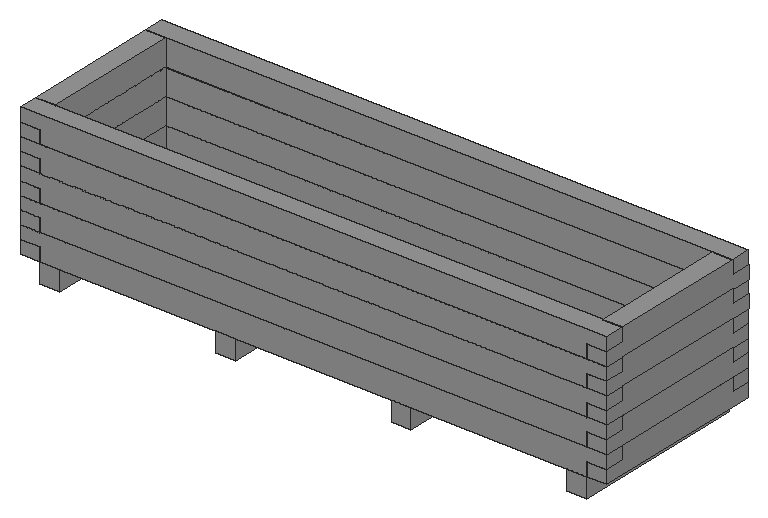
Revit family "13098 Цветочница «Лаванда» Хоббика", category Антураж, Revit 2018
Family settings
  На основе рабочей плоскости = Нет
  Всегда вертикально = Да
  При загрузке вырезать с полостями = Нет
  Источник визуального образа = Геометрия семейства
  Общий = Нет
  Точка расчета площади = Нет
Parameters (values of type "Версия Лиственница")
  Ширина = 450 mm  # constant formula
  Цвет отделки = Лиственница
  Описание = if(Версия Ангарская сосна, "Цветочница «Лаванда». Версия Ангорская сосна", "Цветочница «Лаванда». Версия Лиственница")  # "Цветочница «Лаванда». Версия Лиственница"
  Материал изделия = "Дерево"  # constant formula
  Изображение типоразмера = Цветочница «Лаванда» Арт 13098.jpg
  Изготовитель = "ООО «Хоббика»"  # constant formula
  Длина = 1490 mm  # constant formula
  Группа модели = "Цветочницы и уличные вазоны для цветов"  # constant formula
  Высота = 385 mm  # constant formula
  Версия Лиственница = not(Версия Ангарская сосна)  # yes
  Версия Ангарская сосна = no
  Артикул товара = "Арт. 13098"  # constant formula
  URL = "https://hobbyka.ru/product/tsvetochnitsa_lavanda"
Types (3, lengths in mm): name | Цвет отделки | Описание | Версия Лиственница | Версия Ангарская сосна
  (no name) | Лиственница | "Цветочница «Лаванда». Версия Лиственница" | yes | no
  Версия Ангарская сосна | Ангарская сосна | "Цветочница «Лаванда». Версия Ангорская сосна" | no | yes
  Версия Лиственница | Лиственница | "Цветочница «Лаванда». Версия Лиственница" | yes | no
Reference planes
  plane 1 "По центру (Вперед/Назад)": y = 0
  plane 2: z = 0
  plane 3 "По центру (Влево/Вправо)": x = 0
  plane 4: y = 450
  plane 5: x = 1490
  plane 6: z = 385
Forms (mm)
  Extrusion 1, solid, material "Лиственница" <- "Цвет отделки"
    sketch origin (0, 0, 0) x (1, 0, 0) y (0, 0, 1)
      loop
        line (50, 50) -> (50, 0) -> (100, 0) -> (100, 50) -> (50, 50)
    from 0 to -450
  Extrusion 2, solid, material "Лиственница" <- "Цвет отделки"
    sketch origin (1340, 0, 0) x (1, 0, 0) y (0, 0, 1)
      loop
        line (50, 50) -> (50, 0) -> (100, 0) -> (100, 50) -> (50, 50)
    from 0 to -450
  Extrusion 3, solid, material "Лиственница" <- "Цвет отделки"
    sketch origin (446.667, 0, 0) x (1, 0, 0) y (0, 0, 1)
      loop
        line (50, 50) -> (50, 0) -> (100, 0) -> (100, 50) -> (50, 50)
    from 0 to -450
  Extrusion 4, solid, material "Лиственница" <- "Цвет отделки"
    sketch origin (893.333, 0, 0) x (1, 0, 0) y (0, 0, 1)
      loop
        line (50, 50) -> (50, 0) -> (100, 0) -> (100, 50) -> (50, 50)
    from 0 to -450
  Extrusion 5, solid, material "Лиственница" <- "Цвет отделки"
    sketch origin (0, 0, 0) x (1, 0, 0) y (0, 0, 1)
      loop
        line (50, 50) -> (1440, 50) -> (1440, 83.5) -> (1490, 83.5) -> (1490, 117) -> (0, 117) -> (0, 83.5) -> (50, 83.5) -> (50, 50)
    from 0 to -50
  Extrusion 6, solid, material "Лиственница" <- "Цвет отделки"
    sketch origin (0, 0, 67) x (1, 0, 0) y (0, 0, 1)
      loop
        line (50, 50) -> (1440, 50) -> (1440, 83.5) -> (1490, 83.5) -> (1490, 117) -> (0, 117) -> (0, 83.5) -> (50, 83.5) -> (50, 50)
    from 0 to -50
  Extrusion 7, solid, material "Лиственница" <- "Цвет отделки"
    sketch origin (0, 0, 134) x (1, 0, 0) y (0, 0, 1)
      loop
        line (50, 50) -> (1440, 50) -> (1440, 83.5) -> (1490, 83.5) -> (1490, 117) -> (0, 117) -> (0, 83.5) -> (50, 83.5) -> (50, 50)
    from 0 to -50
  Extrusion 8, solid, material "Лиственница" <- "Цвет отделки"
    sketch origin (0, 0, 201) x (1, 0, 0) y (0, 0, 1)
      loop
        line (50, 50) -> (1440, 50) -> (1440, 83.5) -> (1490, 83.5) -> (1490, 117) -> (0, 117) -> (0, 83.5) -> (50, 83.5) -> (50, 50)
    from 0 to -50
  Extrusion 9, solid, material "Лиственница" <- "Цвет отделки"
    sketch origin (0, 0, 268) x (1, 0, 0) y (0, 0, 1)
      loop
        line (50, 50) -> (1440, 50) -> (1440, 83.5) -> (1490, 83.5) -> (1490, 117) -> (0, 117) -> (0, 83.5) -> (50, 83.5) -> (50, 50)
    from 0 to -50
  Extrusion 10, solid, material "Лиственница" <- "Цвет отделки"
    sketch origin (0, 450, 0) x (1, 0, 0) y (0, 0, -1)
      loop
        line (50, -50) -> (50, -83.5) -> (0, -83.5) -> (0, -117) -> (1490, -117) -> (1490, -83.5) -> (1440, -83.5) -> (1440, -50) -> (50, -50)
    from 0 to -50
  Extrusion 11, solid, material "Лиственница" <- "Цвет отделки"
    sketch origin (0, 450, 67) x (1, 0, 0) y (0, 0, -1)
      loop
        line (50, -50) -> (50, -83.5) -> (0, -83.5) -> (0, -117) -> (1490, -117) -> (1490, -83.5) -> (1440, -83.5) -> (1440, -50) -> (50, -50)
    from 0 to -50
  Extrusion 12, solid, material "Лиственница" <- "Цвет отделки"
    sketch origin (0, 450, 134) x (1, 0, 0) y (0, 0, -1)
      loop
        line (50, -50) -> (50, -83.5) -> (0, -83.5) -> (0, -117) -> (1490, -117) -> (1490, -83.5) -> (1440, -83.5) -> (1440, -50) -> (50, -50)
    from 0 to -50
  Extrusion 13, solid, material "Лиственница" <- "Цвет отделки"
    sketch origin (0, 450, 201) x (1, 0, 0) y (0, 0, -1)
      loop
        line (50, -50) -> (50, -83.5) -> (0, -83.5) -> (0, -117) -> (1490, -117) -> (1490, -83.5) -> (1440, -83.5) -> (1440, -50) -> (50, -50)
    from 0 to -50
  Extrusion 14, solid, material "Лиственница" <- "Цвет отделки"
    sketch origin (0, 450, 268) x (1, 0, 0) y (0, 0, -1)
      loop
        line (50, -50) -> (50, -83.5) -> (0, -83.5) -> (0, -117) -> (1490, -117) -> (1490, -83.5) -> (1440, -83.5) -> (1440, -50) -> (50, -50)
    from 0 to -50
  Extrusion 15, solid, material "Лиственница" <- "Цвет отделки"
    sketch origin (0, 0, 0) x (0, 1, 0) y (0, 0, 1)
      loop
        line (400, 117) -> (50, 117) -> (50, 83.5) -> (0, 83.5) -> (0, 50) -> (450, 50) -> (450, 83.5) -> (400, 83.5) -> (400, 117)
    from 0 to 50
  Extrusion 16, solid, material "Лиственница" <- "Цвет отделки"
    sketch origin (0, 0, 67) x (0, 1, 0) y (0, 0, 1)
      loop
        line (400, 117) -> (50, 117) -> (50, 83.5) -> (0, 83.5) -> (0, 50) -> (450, 50) -> (450, 83.5) -> (400, 83.5) -> (400, 117)
    from 0 to 50
  Extrusion 17, solid, material "Лиственница" <- "Цвет отделки"
    sketch origin (0, 0, 134) x (0, 1, 0) y (0, 0, 1)
      loop
        line (400, 117) -> (50, 117) -> (50, 83.5) -> (0, 83.5) -> (0, 50) -> (450, 50) -> (450, 83.5) -> (400, 83.5) -> (400, 117)
    from 0 to 50
  Extrusion 18, solid, material "Лиственница" <- "Цвет отделки"
    sketch origin (0, 0, 201) x (0, 1, 0) y (0, 0, 1)
      loop
        line (400, 117) -> (50, 117) -> (50, 83.5) -> (0, 83.5) -> (0, 50) -> (450, 50) -> (450, 83.5) -> (400, 83.5) -> (400, 117)
    from 0 to 50
  Extrusion 19, solid, material "Лиственница" <- "Цвет отделки"
    sketch origin (0, 0, 268) x (0, 1, 0) y (0, 0, 1)
      loop
        line (400, 117) -> (50, 117) -> (50, 83.5) -> (0, 83.5) -> (0, 50) -> (450, 50) -> (450, 83.5) -> (400, 83.5) -> (400, 117)
    from 0 to 50
  Extrusion 20, solid, material "Лиственница" <- "Цвет отделки"
    sketch origin (1490, 0, 0) x (0, 1, 0) y (0, 0, -1)
      loop
        line (400, -117) -> (400, -83.5) -> (450, -83.5) -> (450, -50) -> (0, -50) -> (0, -83.5) -> (50, -83.5) -> (50, -117) -> (400, -117)
    from 0 to 50
  Extrusion 21, solid, material "Лиственница" <- "Цвет отделки"
    sketch origin (1490, 0, 67) x (0, 1, 0) y (0, 0, -1)
      loop
        line (400, -117) -> (400, -83.5) -> (450, -83.5) -> (450, -50) -> (0, -50) -> (0, -83.5) -> (50, -83.5) -> (50, -117) -> (400, -117)
    from 0 to 50
  Extrusion 22, solid, material "Лиственница" <- "Цвет отделки"
    sketch origin (1490, 0, 134) x (0, 1, 0) y (0, 0, -1)
      loop
        line (400, -117) -> (400, -83.5) -> (450, -83.5) -> (450, -50) -> (0, -50) -> (0, -83.5) -> (50, -83.5) -> (50, -117) -> (400, -117)
    from 0 to 50
  Extrusion 23, solid, material "Лиственница" <- "Цвет отделки"
    sketch origin (1490, 0, 201) x (0, 1, 0) y (0, 0, -1)
      loop
        line (400, -117) -> (400, -83.5) -> (450, -83.5) -> (450, -50) -> (0, -50) -> (0, -83.5) -> (50, -83.5) -> (50, -117) -> (400, -117)
    from 0 to 50
  Extrusion 24, solid, material "Лиственница" <- "Цвет отделки"
    sketch origin (1490, 0, 268) x (0, 1, 0) y (0, 0, -1)
      loop
        line (400, -117) -> (400, -83.5) -> (450, -83.5) -> (450, -50) -> (0, -50) -> (0, -83.5) -> (50, -83.5) -> (50, -117) -> (400, -117)
    from 0 to 50
  Extrusion 25, solid, material "Лиственница" <- "Цвет отделки"
    sketch origin (0, 0, 0) x (1, 0, 0) y (0, 1, 0)
      loop
        line (50, 400) -> (50, 50) -> (1440, 50) -> (1440, 400) -> (50, 400)
    from 50 to 55
Dimensions and locks
  "Длина": plane 3 "По центру (Влево/Вправо)" to plane 5
  "Ширина": plane 4 to plane 1 "По центру (Вперед/Назад)"
  "Высота": plane 6 to plane 2
  aligned and locked: level to plane 2
Automatic sketch dimensions
  Extrusion 1 sketch curve to level = 0 mm
  plane 3 "По центру (Влево/Вправо)" to Extrusion 1 sketch curve = 50 mm
  Extrusion 1 sketch curve to Extrusion 1 sketch curve = 50 mm
  level to Extrusion 1 sketch curve = 50 mm
  Extrusion 2 sketch curve to level = 0 mm
  Extrusion 2 sketch curve to plane 5 = 100 mm
  Extrusion 2 sketch curve to Extrusion 2 sketch curve = 50 mm
  level to Extrusion 2 sketch curve = 50 mm
  Extrusion 3 sketch curve to level = 0 mm
  plane 3 "По центру (Влево/Вправо)" to Extrusion 3 sketch curve = 496.667 mm
  Extrusion 3 sketch curve to Extrusion 3 sketch curve = 50 mm
  level to Extrusion 3 sketch curve = 50 mm
  Extrusion 4 sketch curve to level = 0 mm
  Extrusion 4 sketch curve to plane 5 = 546.667 mm
  Extrusion 4 sketch curve to Extrusion 4 sketch curve = 50 mm
  level to Extrusion 4 sketch curve = 50 mm
  Extrusion 5 sketch curve to plane 3 "По центру (Влево/Вправо)" = 0 mm
  Extrusion 5 sketch curve to plane 5 = 0 mm
  Extrusion 5 sketch curve to Extrusion 5 sketch curve = 50 mm
  Extrusion 5 sketch curve to plane 5 = 50 mm
  level to Extrusion 5 sketch curve = 50 mm
  Extrusion 5 sketch curve to Extrusion 5 sketch curve = 33.5 mm  (x3)
  Extrusion 6 sketch curve to plane 3 "По центру (Влево/Вправо)" = 0 mm
  Extrusion 6 sketch curve to plane 5 = 0 mm
  Extrusion 6 sketch curve to Extrusion 6 sketch curve = 50 mm
  Extrusion 6 sketch curve to plane 5 = 50 mm
  level to Extrusion 6 sketch curve = 117 mm
  Extrusion 6 sketch curve to Extrusion 6 sketch curve = 33.5 mm  (x3)
  Extrusion 7 sketch curve to plane 3 "По центру (Влево/Вправо)" = 0 mm
  Extrusion 7 sketch curve to plane 5 = 0 mm
  Extrusion 7 sketch curve to Extrusion 7 sketch curve = 50 mm
  Extrusion 7 sketch curve to plane 5 = 50 mm
  level to Extrusion 7 sketch curve = 184 mm
  Extrusion 7 sketch curve to Extrusion 7 sketch curve = 33.5 mm  (x3)
  Extrusion 8 sketch curve to plane 3 "По центру (Влево/Вправо)" = 0 mm
  Extrusion 8 sketch curve to plane 5 = 0 mm
  Extrusion 8 sketch curve to Extrusion 8 sketch curve = 50 mm
  Extrusion 8 sketch curve to plane 5 = 50 mm
  Extrusion 8 sketch curve to plane 6 = 134 mm
  Extrusion 8 sketch curve to Extrusion 8 sketch curve = 33.5 mm  (x3)
  Extrusion 9 sketch curve to plane 3 "По центру (Влево/Вправо)" = 0 mm
  Extrusion 9 sketch curve to plane 5 = 0 mm
  Extrusion 9 sketch curve to plane 6 = 0 mm
  Extrusion 9 sketch curve to Extrusion 9 sketch curve = 50 mm
  Extrusion 9 sketch curve to plane 5 = 50 mm
  Extrusion 9 sketch curve to Extrusion 9 sketch curve = 33.5 mm  (x2)
  Extrusion 9 sketch curve to plane 6 = 33.5 mm
  Extrusion 10 sketch curve to plane 3 "По центру (Влево/Вправо)" = 0 mm
  Extrusion 10 sketch curve to plane 5 = 0 mm
  Extrusion 10 sketch curve to Extrusion 10 sketch curve = 50 mm
  Extrusion 10 sketch curve to plane 5 = 50 mm
  level to Extrusion 10 sketch curve = 117 mm
  Extrusion 10 sketch curve to Extrusion 10 sketch curve = 33.5 mm  (x3)
  Extrusion 11 sketch curve to plane 3 "По центру (Влево/Вправо)" = 0 mm
  Extrusion 11 sketch curve to plane 5 = 0 mm
  Extrusion 11 sketch curve to Extrusion 11 sketch curve = 50 mm
  Extrusion 11 sketch curve to plane 5 = 50 mm
  level to Extrusion 11 sketch curve = 184 mm
  Extrusion 11 sketch curve to Extrusion 11 sketch curve = 33.5 mm  (x3)
  Extrusion 12 sketch curve to plane 3 "По центру (Влево/Вправо)" = 0 mm
  Extrusion 12 sketch curve to plane 5 = 0 mm
  Extrusion 12 sketch curve to Extrusion 12 sketch curve = 50 mm
  Extrusion 12 sketch curve to plane 5 = 50 mm
  Extrusion 12 sketch curve to plane 6 = 134 mm
  Extrusion 12 sketch curve to Extrusion 12 sketch curve = 33.5 mm  (x3)
  Extrusion 13 sketch curve to plane 3 "По центру (Влево/Вправо)" = 0 mm
  Extrusion 13 sketch curve to plane 5 = 0 mm
  Extrusion 13 sketch curve to Extrusion 13 sketch curve = 50 mm
  Extrusion 13 sketch curve to plane 5 = 50 mm
  Extrusion 13 sketch curve to plane 6 = 67 mm
  Extrusion 13 sketch curve to Extrusion 13 sketch curve = 33.5 mm  (x3)
  Extrusion 14 sketch curve to plane 3 "По центру (Влево/Вправо)" = 0 mm
  Extrusion 14 sketch curve to plane 5 = 0 mm
  Extrusion 14 sketch curve to plane 6 = 0 mm
  Extrusion 14 sketch curve to Extrusion 14 sketch curve = 50 mm
  Extrusion 14 sketch curve to plane 5 = 50 mm
  Extrusion 14 sketch curve to plane 6 = 33.5 mm
  Extrusion 14 sketch curve to Extrusion 14 sketch curve = 33.5 mm  (x2)
  Extrusion 15 sketch curve to plane 1 "По центру (Вперед/Назад)" = 0 mm
  Extrusion 15 sketch curve to plane 4 = 0 mm
  Extrusion 15 sketch curve to plane 1 "По центру (Вперед/Назад)" = 50 mm
  Extrusion 15 sketch curve to plane 4 = 50 mm
  level to Extrusion 15 sketch curve = 50 mm
  Extrusion 15 sketch curve to Extrusion 15 sketch curve = 33.5 mm  (x3)
  Extrusion 16 sketch curve to plane 1 "По центру (Вперед/Назад)" = 0 mm
  Extrusion 16 sketch curve to plane 4 = 0 mm
  Extrusion 16 sketch curve to Extrusion 16 sketch curve = 50 mm
  Extrusion 16 sketch curve to plane 4 = 50 mm
  level to Extrusion 16 sketch curve = 117 mm
  Extrusion 16 sketch curve to Extrusion 16 sketch curve = 33.5 mm  (x3)
  Extrusion 17 sketch curve to plane 1 "По центру (Вперед/Назад)" = 0 mm
  Extrusion 17 sketch curve to plane 4 = 0 mm
  Extrusion 17 sketch curve to Extrusion 17 sketch curve = 50 mm
  Extrusion 17 sketch curve to plane 4 = 50 mm
  level to Extrusion 17 sketch curve = 184 mm
  Extrusion 17 sketch curve to Extrusion 17 sketch curve = 33.5 mm  (x3)
  Extrusion 18 sketch curve to plane 1 "По центру (Вперед/Назад)" = 0 mm
  Extrusion 18 sketch curve to plane 4 = 0 mm
  Extrusion 18 sketch curve to Extrusion 18 sketch curve = 50 mm
  Extrusion 18 sketch curve to plane 4 = 50 mm
  Extrusion 18 sketch curve to plane 6 = 134 mm
  Extrusion 18 sketch curve to Extrusion 18 sketch curve = 33.5 mm  (x3)
  Extrusion 19 sketch curve to plane 1 "По центру (Вперед/Назад)" = 0 mm
  Extrusion 19 sketch curve to plane 6 = 0 mm
  Extrusion 19 sketch curve to plane 4 = 0 mm
  Extrusion 19 sketch curve to Extrusion 19 sketch curve = 50 mm
  Extrusion 19 sketch curve to plane 4 = 50 mm
  Extrusion 19 sketch curve to plane 6 = 33.5 mm  (x2)
  Extrusion 19 sketch curve to Extrusion 19 sketch curve = 33.5 mm
  Extrusion 20 sketch curve to plane 1 "По центру (Вперед/Назад)" = 0 mm
  Extrusion 20 sketch curve to plane 4 = 0 mm
  Extrusion 20 sketch curve to plane 1 "По центру (Вперед/Назад)" = 50 mm
  Extrusion 20 sketch curve to plane 4 = 50 mm
  level to Extrusion 20 sketch curve = 117 mm
  Extrusion 20 sketch curve to Extrusion 20 sketch curve = 33.5 mm  (x3)
  Extrusion 21 sketch curve to plane 1 "По центру (Вперед/Назад)" = 0 mm
  Extrusion 21 sketch curve to plane 4 = 0 mm
  Extrusion 21 sketch curve to Extrusion 21 sketch curve = 50 mm
  Extrusion 21 sketch curve to plane 4 = 50 mm
  level to Extrusion 21 sketch curve = 184 mm
  Extrusion 21 sketch curve to Extrusion 21 sketch curve = 33.5 mm  (x3)
  Extrusion 22 sketch curve to plane 1 "По центру (Вперед/Назад)" = 0 mm
  Extrusion 22 sketch curve to plane 4 = 0 mm
  Extrusion 22 sketch curve to Extrusion 22 sketch curve = 50 mm
  Extrusion 22 sketch curve to plane 4 = 50 mm
  Extrusion 22 sketch curve to plane 6 = 134 mm
  Extrusion 22 sketch curve to Extrusion 22 sketch curve = 33.5 mm  (x3)
  Extrusion 23 sketch curve to plane 1 "По центру (Вперед/Назад)" = 0 mm
  Extrusion 23 sketch curve to plane 4 = 0 mm
  Extrusion 23 sketch curve to Extrusion 23 sketch curve = 50 mm
  Extrusion 23 sketch curve to plane 4 = 50 mm
  Extrusion 23 sketch curve to plane 6 = 67 mm
  Extrusion 23 sketch curve to Extrusion 23 sketch curve = 33.5 mm  (x3)
  Extrusion 24 sketch curve to plane 1 "По центру (Вперед/Назад)" = 0 mm
  Extrusion 24 sketch curve to plane 6 = 0 mm
  Extrusion 24 sketch curve to plane 4 = 0 mm
  Extrusion 24 sketch curve to Extrusion 24 sketch curve = 50 mm
  Extrusion 24 sketch curve to plane 4 = 50 mm
  Extrusion 24 sketch curve to plane 6 = 33.5 mm  (x2)
  Extrusion 24 sketch curve to Extrusion 24 sketch curve = 33.5 mm
  plane 3 "По центру (Влево/Вправо)" to Extrusion 25 sketch curve = 50 mm
  Extrusion 25 sketch curve to plane 5 = 50 mm
  Extrusion 25 sketch curve to plane 1 "По центру (Вперед/Назад)" = 50 mm
  Extrusion 25 sketch curve to plane 4 = 50 mm
